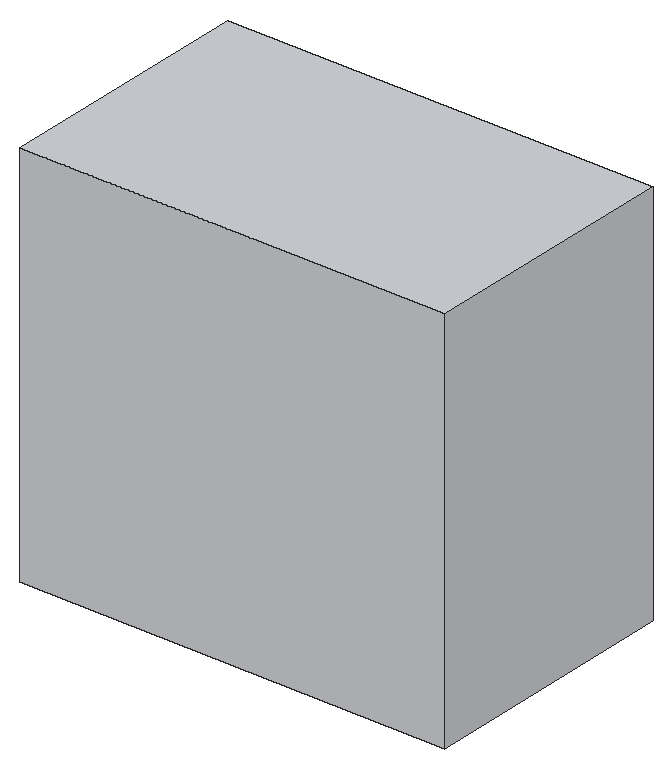
Revit family "77cf3afc06504bc08d5c58c5e6b9b9fb", category Electrical Equipment, host Face, Revit 2021
Family settings
  Host = Face
  Round Connector Dimension = Use Diameter
  Part Type = Transformer
  OmniClass Number = 23.80.10.14.11
  OmniClass Title = Power Transformers
  Seek Item ID = Dry Type Transformer - 480-208Y120 - NEMA Type 3R-0000-USA-ENU
  Cut with Voids When Loaded = No
  Shared = No
  Room Calculation Point = No
Parameters (values of type "3 kVA")
  Transformer Width = 0' - 9"
  Transformer Material = none
  Transformer Length = 1' - 2 3/4"
  Transformer Height = 1' - 1 1/2"
  built-in parameter 1140142 [instance] = -1
  Primary Voltage = 480 V
  Primary Number of Poles = 3
  built-in parameter 1140079 [instance] = 3
  built-in parameter 1140140 [instance] = 1 (stored number, unit not read)
  Load Classification = Transformer
  Half Width = Transformer Width / 2  # 0' - 4 1/2"
  Half Length = Transformer Length / 2  # 0' - 7 3/8"
  built-in parameter 1140083 [instance] = "Type 3R"
  Default Elevation = 4' - 0"
  built-in parameter 1140087 [instance] = element -7000011
Types (6): name | Transformer Width | Transformer Length | Transformer Height | Half Width | Half Length | built-in parameter 1140087
  (no name) | 0' - 9" | 1' - 2 3/4" | 1' - 1 1/2" | 0' - 4 1/2" | 0' - 7 3/8" | element -7000011
  3 kVA | 0' - 9" | 1' - 2 3/4" | 1' - 1 1/2" | 0' - 4 1/2" | 0' - 7 3/8" | element -7000011
  6 kVA | 0' - 9" | 1' - 2 3/4" | 1' - 1 1/2" | 0' - 4 1/2" | 0' - 7 3/8" | element -7000010
  9 kVA | 1' - 0 1/4" | 1' - 7 13/128" | 1' - 2 3/4" | 0' - 6 1/8" | 0' - 9 141/256" | element -7000011
  15 kVA | 1' - 0 1/4" | 1' - 7 13/128" | 1' - 2 3/4" | 0' - 6 1/8" | 0' - 9 141/256" | element -7000011
  30 kVA | 1' - 1 1/2" | 2' - 1" | 1' - 10" | 0' - 6 3/4" | 1' - 0 1/2" | element -7000011
Reference planes (in)
  plane 1 "Center (Front/Back)": y = 0
  plane 2: z = 0
  plane 3 "Center (Left/Right)": x = 0
  plane 4: x = -7.375
  plane 5: x = 7.375
  plane 6: y = 4.5
  plane 7: y = -4.5
  plane 8: z = 13.5
Forms (in)
  Extrusion 1, solid, material <- "Transformer Material"
    sketch origin (0, 0, 0) x (1, 0, 0) y (0, 1, 0)
      loop
        line (-7.375, -4.5) -> (7.375, -4.5) -> (7.375, 4.5) -> (-7.375, 4.5) -> (-7.375, -4.5)
    from 0 to 13.5
Dimensions and locks (in)
  "Half Width": plane 6 to plane 1 "Center (Front/Back)"
  "Half Width": plane 7 to plane 1 "Center (Front/Back)"
  locked: connector elem to level at 2
  locked: connector elem to plane 6 at 1.5
  "Transformer Height": plane 2 to plane 8
  "Half Length": plane 4 to plane 3 "Center (Left/Right)"
  "Half Length": plane 5 to plane 3 "Center (Left/Right)"
  aligned and locked: plane 2 to host face
  aligned and locked: level to host face
  aligned and locked: plane 4 to Extrusion 1 sketch curve
  aligned and locked: Extrusion 1 sketch curve to plane 7
  aligned and locked: plane 6 to Extrusion 1 sketch curve
  aligned and locked: plane 5 to Extrusion 1 sketch curve
  aligned and locked: plane 8 to Extrusion 1
  aligned and locked: Extrusion 1 to plane 2
Automatic sketch dimensions
  host sketch curve to host sketch curve = 6' - 4.9816"
  host sketch curve to host sketch curve = 6' - 3.8197"
Connectors (in)
  electrical at (-7.375, 3, 2), driven by "Primary Number of Poles", driven by "Primary Voltage", driven by "Load Classification"
    settings: on plane 4, index 1, voltage 480 V, apparent load 0 VA, apparent load phase1 0 VA, apparent load phase2 0 VA, apparent load phase3 0 VA, power factor 1, load classification "Transformer", number of poles 3, system type 31, power factor state 1, is connector primary yes, connector utility no, sub classification motor no, connector description ""
  cabletrayconduit at (0, 0, 13.5), diameter 24
    settings: on Extrusion 1, index 2, connector width 1' - 0", connector height 1' - 0", connector angle 0.00°, system type 32, placement type 1, profile type 0, connector reference index -1, is primary connector yes, connector utility param no, connector description ""
  cabletrayconduit at (-7.375, 0, 6.75), diameter 24
    settings: on Extrusion 1, index 3, connector width 1' - 0", connector height 1' - 0", connector angle 0.00°, system type 32, placement type 1, profile type 0, connector reference index -1, is primary connector no, connector utility param no, connector description ""
  cabletrayconduit at (7.375, 0, 6.75), diameter 24
    settings: on Extrusion 1, index 4, connector width 1' - 0", connector height 1' - 0", connector angle 0.00°, system type 32, placement type 1, profile type 0, connector reference index -1, is primary connector no, connector utility param no, connector description ""
  cabletrayconduit at (0, 4.5, 6.75), diameter 24
    settings: on Extrusion 1, index 5, connector width 1' - 0", connector height 1' - 0", connector angle 0.00°, system type 32, placement type 1, profile type 0, connector reference index -1, is primary connector no, connector utility param no, connector description ""
  cabletrayconduit at (0, 0, 0), diameter 24
    settings: on Extrusion 1, index 6, connector width 1' - 0", connector height 1' - 0", connector angle 0.00°, system type 32, placement type 1, profile type 0, connector reference index -1, is primary connector no, connector utility param no, connector description ""
